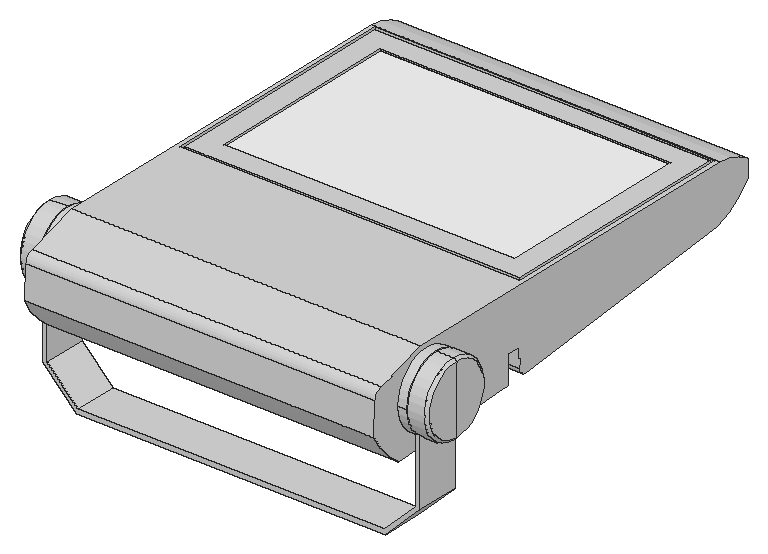
Revit family "0049108 Feilo Sylvania Lighting Fixture SYLVEO LED 8000LM RASYM 4K", category Lighting Fixtures, host Face, Revit 2017
Family settings
  Host = Face
  Round Connector Dimension = Use Diameter
  Part Type = Normal
  Cut with Voids When Loaded = No
  Light Source = No
  Shared = No
  Room Calculation Point = No
Parameters (values of type "0049108 SYLVEO LED 8000LM RASYM 4K")
  Weight = "9.2 kg"
  Wattage Comments = "n/a"
  WarrantyStartDate [instance] = "n/a"
  WarrantyGuarantorParts = "n/a"
  WarrantyDurationUnit = "n/a"
  WarrantyDurationParts = "n/a"
  WarrantyDescription = "n/a"
  Voltage = 230 V
  URL = "http://www.sylvania-lighting.com"
  TypeName = "SYLVEO LED 8000LM RASYM 4K"
  TypeBody_FEILO = Sylveo Medium Body : 0049108 SYLVEO LED 8000LM RASYM 4K
  Type Image = <None>
  Type Comments = "n/a"
  TotalWidth = 290 mm
  TiltAngle [instance] = 0.00°
  StartAngle [instance] = -TiltAngle  # 0.00°
  SerialNumber [instance] = "n/a"
  PowerFactor = 0
  PowerConsumption = "82.2 W"
  NominalWidth = 0 mm
  NominalLength = 290 mm
  NominalHeight = 333 mm
  Name = "SYLVEO LED 8000LM RASYM 4K"
  ModelReference = "SYLVEO LED 8000LM RASYM 4K"
  ModelNumber = "0049108"
  Model = "SYLVEO LED 8000LM RASYM 4K"
  Material_4_FEILO = none
  Material_3_FEILO = none
  Material_2_FEILO = Diffuser-Sylvania-Sylveo-Glow
  Material_1_FEILO = Body-Sylvania-Sylveo-Aluminium
  Material = "aluminium housing, glass diffuser"
  ManufacturerName = "Feilo Sylvania"
  Manufacturer = "Feilo Sylvania"
  LuminousEfficacy = "106.9 lm/W"
  LuminaireType = ""
  LightOutputRatio = "100"
  LampsType = Lamp  # "LED"
  LampNominalLuminous = "8787 lm"
  LampMacAdamStep = "6"
  LampColourTemperature = "4000 K"
  LampColourRenderingIndex = "70"
  Lamp = "LED"
  Keynote = "16500"
  InstallationDate [instance] = "n/a"
  InputVoltage = "100-240V~"
  InputNominalFrequency = "50 Hz"
  IngressProtection = "IP66"
  ImpactProtectionIndex = "IK08"
  IfcExportType = "IfcLightFixtureType"
  IfcExportAs = "IfcLightFixtureType"
  HingeHeight = 90 mm
  HingeDia = 52 mm
  ExpectedLife = 50000
  EndAngle [instance] = StartAngle + 180.00°  # 180.00°
  ElectricShockClassification = "Class I"
  DurationUnit = "hours"
  DocumentationLiterature = "http://www.sylvania-lighting.com/product/en-int/products/0049108"
  DimmingControlOptions = "Non dimmable"
  Description = "Exterior LED Floodlight, comes complete with a 1000mm cable and adjustable bracket, aluminium housing, clear glass diffuser, IP66, IK08, Class I, 4000K, Non-dimming, 8787lm, 82W, 107lm/W, 2400mA, CRI70, 52°x117° beam angle, 50000hrs, (LxWxD) 66x290x333mm"
  Default Elevation = 1219.2 mm
  CreatedOn = "12/18/2017"
  CreatedBy = ""
  Cost = 0
  built-in parameter 1114216 [instance] = (empty or 0)
  ClassificationValue = "EF_70_80"
  ClassificationName = "Uniclass2015"
  Calculate Coefficient of Utilization = no
  BracketWidth = 37 mm
  BracketThickness = 3 mm
  BracketInnerWidth = 261.3 mm
  BracketFold = 25 mm
  BracketExtrusionStart = -BracketWidth / 2  # -18.5 mm
  BracketExtrusionEnd = BracketWidth / 2  # 18.5 mm
  BarCode [instance] = "n/a"
  AssetType = "Fixed"
  AssetIdentifier [instance] = "n/a"
  Assembly Code = "D5020200"
  Apparent Load = 82.2 VA
Reference planes
  plane 1 "Center (Front/Back)": y = 0
  plane 2: z = 0
  plane 3 "Center (Left/Right)": x = 0
  plane 4: x = 130.65
  plane 5: x = -130.65
  plane 6: z = 90
  plane 7: x = 145
  plane 8: x = -145
  plane 9: z = 116
  plane 10: z = 64
  plane 11: x = 143
  plane 12: x = -143
  plane 13: x = 133.65
  plane 14: x = -133.65
  plane 15: z = 3
  plane 16: z = 25
  plane 17: x = 108.65
  plane 18: x = -108.65
  plane 19: z = 66
Forms (mm)
  Extrusion 1, solid, material "Body-Sylvania-Sylveo-Aluminium" <- "Material_1_FEILO"
    sketch origin (0, 0, 0) x (1, 0, 0) y (0, 0, 1)
      loop
        line (0, 3) -> (0, 0) -> (109.478, 0) -> (133.65, 24.172) -> (133.65, 90) -> (130.65, 90) -> (130.65, 25) -> (108.65, 3) -> (0, 3)
    from -12.5 to 18.5 <- "BracketExtrusionEnd"
  Extrusion 2, solid, material "Body-Sylvania-Sylveo-Aluminium" <- "Material_1_FEILO"
    sketch origin (0, 0, 0) x (-1, 0, 0) y (0, 0, -1)
      loop
        line (0, -3) -> (108.65, -3) -> (130.65, -25) -> (130.65, -90) -> (133.65, -90) -> (133.65, -24.172) -> (109.478, 0) -> (0, 0) -> (0, -3)
    from -12.5 to 18.5 <- "BracketExtrusionEnd"
  Revolve 3, solid, material "Body-Sylvania-Sylveo-Aluminium" <- "Material_1_FEILO"
    sketch origin (0, 0, 0) x (1, 0, 0) y (0, 0, 1)
      loop
        line (-130.65, 90) -> (-145, 90) -> (-145, 66) -> (-143, 64) -> (-130.65, 64) -> (-130.65, 90)
      axis (-130.65, 90) -> (-145, 90)
    angle from 0 to 360
  Revolve 4, solid, material "Body-Sylvania-Sylveo-Aluminium" <- "Material_1_FEILO"
    sketch origin (0, 0, 0) x (-1, 0, 0) y (0, 0, 1)
      loop
        line (-130.65, 90) -> (-145, 90) -> (-145, 66) -> (-143, 64) -> (-130.65, 64) -> (-130.65, 90)
      axis (-130.65, 90) -> (-145, 90)
    angle from 0 to 360
  Revolve 5, solid, not visible
    sketch origin (181.107, 0, 90) x (1, 0, 0) y (0, 1, 0)
      loop
        line (-191.101, 0) -> (-171.112, 0) -> (-171.112, 10) -> (-191.101, 10) -> (-191.101, 0)
      axis (-171.112, 0) -> (-191.101, 0)
    angle from 0 <- "StartAngle" to 180 <- "EndAngle"
Cuts and joins
  joined: Extrusion 1, Extrusion 2, Revolve 3, Revolve 4
Dimensions and locks
  equal spacing: plane 5, plane 3 "Center (Left/Right)", plane 4
  "BracketInnerWidth": plane 5 to plane 4
  equal spacing: plane 7, plane 3 "Center (Left/Right)", plane 8
  "TotalWidth": plane 7 to plane 8
  "HingeHeight": plane 2 to plane 6
  equal spacing: plane 10, plane 6, plane 9
  "HingeDia": plane 10 to plane 9
  equal spacing: plane 11, plane 3 "Center (Left/Right)", plane 12
  equal spacing: plane 13, plane 3 "Center (Left/Right)", plane 14
  "BracketFold": plane 2 to plane 16
  "BracketThickness": plane 2 to plane 15
  equal spacing: plane 17, plane 3 "Center (Left/Right)", plane 18
  locked: plane 19 to plane 10 at 2
  locked: Revolve 5 sketch curve to Revolve 5 sketch curve at 10
  equal spacing: Revolve 5 sketch curve, plane 3 "Center (Left/Right)", Revolve 5 sketch curve
  locked: Revolve 5 sketch curve to Revolve 5 sketch curve at 19.988
  locked: plane 7 to plane 11 at 2
  "BracketFold": plane 13 to plane 17
  "BracketThickness": plane 4 to plane 13
  aligned and locked: plane 2 to host face
  aligned and locked: level to host face
  aligned and locked: Revolve 3 sketch curve to plane 10
  aligned and locked: Revolve 3 sketch curve to plane 8
  aligned and locked: plane 5 to Revolve 3 sketch curve
  aligned and locked: Revolve 3 sketch curve to plane 6  (x2)
  aligned and locked: Revolve 5 sketch curve to plane 1 "Center (Front/Back)"
  aligned and locked: plane 3 "Center (Left/Right)" to nested 1
Automatic sketch dimensions
  host sketch curve to host sketch curve = 2438.4 mm  (x2)
  Extrusion 1 sketch curve to plane 3 "Center (Left/Right)" = 0 mm  (x2)
  Extrusion 1 sketch curve to level = 0 mm  (x2)
  Extrusion 1 sketch curve to plane 15 = 0 mm
  Extrusion 1 sketch curve to plane 17 = 0 mm
  plane 4 to Extrusion 1 sketch curve = 0 mm
  Extrusion 1 sketch curve to plane 13 = 0 mm  (x2)
  Extrusion 1 sketch curve to plane 6 = 0 mm  (x2)
  Extrusion 1 sketch curve to plane 16 = 0 mm
  plane 17 to Extrusion 1 sketch curve = 0.828 mm
  Extrusion 1 sketch curve to plane 16 = 0.828 mm
  Extrusion 2 sketch curve to plane 3 "Center (Left/Right)" = 0 mm  (x2)
  Extrusion 2 sketch curve to level = 0 mm  (x2)
  Extrusion 2 sketch curve to plane 15 = 0 mm
  plane 18 to Extrusion 2 sketch curve = 0 mm
  plane 5 to Extrusion 2 sketch curve = 0 mm
  plane 14 to Extrusion 2 sketch curve = 0 mm  (x2)
  Extrusion 2 sketch curve to plane 6 = 0 mm  (x2)
  Extrusion 2 sketch curve to plane 16 = 0 mm
  Extrusion 2 sketch curve to plane 18 = 0.828 mm
  plane 16 to Extrusion 2 sketch curve = 0.828 mm
  plane 12 to Revolve 3 sketch curve = 0 mm
  Revolve 3 sketch curve to plane 19 = 0 mm
  plane 8 to Revolve 3 sketch curve = 77.715 mm
  plane 7 to Revolve 3 sketch curve = 78.607 mm
  Revolve 4 sketch curve to plane 6 = 0 mm  (x2)
  Revolve 4 sketch curve to plane 7 = 0 mm
  Revolve 4 sketch curve to plane 10 = 0 mm
  Revolve 4 sketch curve to plane 11 = 0 mm
  plane 4 to Revolve 4 sketch curve = 0 mm
  Revolve 4 sketch curve to plane 19 = 0 mm
  Revolve 4 sketch curve to Revolve 4 sketch curve = 77.715 mm
  Revolve 4 sketch curve to plane 8 = 78.607 mm
  plane 1 "Center (Front/Back)" to Revolve 5 sketch curve = 0 mm
  plane 8 to Revolve 5 sketch curve = 1421.5 mm
  plane 7 to Revolve 5 sketch curve = 1421.5 mm
Nested families
  nested 1: "Sylveo Medium Body" at (0, -47.297, 90), type <- "TypeBody_FEILO", type "0049108 SYLVEO LED 8000LM RASYM 4K"
Connectors
  electrical at (0, 0, 0), driven by "Apparent Load", driven by "Voltage", driven by "PowerFactor"
    settings: index 1, voltage 230 V, apparent load 82.2 VA, apparent load phase1 0 VA, apparent load phase2 0 VA, apparent load phase3 0 VA, power factor 0, load classification "Lighting", number of poles 1, system type 30, power factor state 1, is connector primary yes, connector utility no, sub classification motor no, connector description ""
Definition of nested family "Sylveo Medium Body"
  Parameters (values of type "0049141 SYLVEO LED 8000LM RASYM 4K DALI ")
    Wattage = 80 W
    built-in parameter 1150110 = 1 (stored number, unit not read)
    URL = "http://www.feilosylvania.com"
    Type Comments = "n/a"
    built-in parameter 1114217 = 1 (stored number, unit not read)
    Tilt Angle = -90.00°
    built-in parameter 1150109 = 1 (stored number, unit not read)
    built-in parameter 1150134 = 12
    built-in parameter 1150113 = 1 (stored number, unit not read)
    Photometric Web File = "0049141.ies"
    Model = "SYLVEO LED 8000LM RASYM 4K DALI"
    Material_4_FEILO = none
    Material_3_FEILO = none
    Material_2_FEILO = none
    Material_1_FEILO = none
    Manufacturer = "Feilo Sylvania"
    built-in parameter 1150105 = 4415 (stored number, unit not read)
    Lumens = 8544 lm
    built-in parameter 1150115 = 1 (stored number, unit not read)
    built-in parameter 1150137 = (empty or 0)
    built-in parameter 1150139 = (empty or 0)
    built-in parameter 1150112 = 1 (stored number, unit not read)
    built-in parameter 1150114 = 1 (stored number, unit not read)
    Lamp = "LED"
    Keynote = "16500"
    built-in parameter 1150132 = (empty or 0)
    built-in parameter 1150102 = (empty or 0)
    built-in parameter 1150107 = 4000 (stored number, unit not read)
    built-in parameter 1150138 = (empty or 0)
    built-in parameter 1150106 = 44.15 (stored number, unit not read)
    Emit from Rectangle Width = 138.8 mm
    Emit from Rectangle Length = 206.3 mm
    Emit Shape Visible in Rendering = no
    built-in parameter 1150104 = 9.922 (stored number, unit not read)
    Dimming Lamp Color Temperature Shift = (empty or 0)
    Description = "Exterior LED floodlight, comes complete with a 1000mm cable and adjustable bracket, aluminium housing, clear glass diffuser, 8542lm, 80W, 106lm/W, 4000K, 2280mA, CRI70, 52°x117° beam angle, DALI dimmable, IP66, IK08, Class I, 50000hrs, (LxWxD) 66x290x333mm"
    Default Elevation = 1219.2 mm
    Cost = 0
    Color Filter = 16777215
    built-in parameter 1114218 = 1 (stored number, unit not read)
    built-in parameter 1150133 = 10 (stored number, unit not read)
    Assembly Code = "D5020200"
    Apparent Load = 80 VA
  Types (9, lengths in mm): name | Wattage | built-in parameter 1150134 | Photometric Web File | Model | built-in parameter 1150105 | Lumens | built-in parameter 1150107 | built-in parameter 1150106 | built-in parameter 1150104 | Description | Apparent Load
    0049141 SYLVEO LED 8000LM RASYM 4K DALI | 80 W | 12 | "0049141.ies" | "SYLVEO LED 8000LM RASYM 4K DALI" | 4415 (stored number, unit not read) | 8544 lm | 4000 (stored number, unit not read) | 44.15 (stored number, unit not read) | 9.922 (stored number, unit not read) | "Exterior LED floodlight, comes complete with a 1000mm cable and adjustable bracket, aluminium housing, clear glass diffuser, 8542lm, 80W, 106lm/W, 4000K, 2280mA, CRI70, 52°x117° beam angle, DALI dimmable, IP66, IK08, Class I, 50000hrs, (LxWxD) 66x290x333mm" | 80 VA
    0049140 SYLVEO LED 8000LM WIDE 4K DALI | 81 W | 12 | "0049140.ies" | "SYLVEO LED 8000LM WIDE 4K DALI" | 10450.4 (stored number, unit not read) | 8537.4 lm | 4000 (stored number, unit not read) | 104.5 (stored number, unit not read) | 9.792 (stored number, unit not read) | "Exterior LED floodlight, comes complete with a 1000mm cable and adjustable bracket, aluminium housing, clear glass diffuser, 8541lm, 81W, 105lm/W, 4000K, 2280mA, CRI70, 52° beam angle, DALI dimmable, IP66, IK08, Class I, 50000hrs, (LxWxD) 66x290x333mm" | 81 VA
    0049139 SYLVEO LED 8000LM NAR 4K DALI | 81 W | 12 | "0049139.ies" | "SYLVEO LED 8000LM NAR 4K DALI" | 20285.7 (stored number, unit not read) | 8723.7 lm | 4000 (stored number, unit not read) | 202.86 (stored number, unit not read) | 10.006 (stored number, unit not read) | "Exterior LED floodlight, comes complete with a 1000mm cable and adjustable bracket, aluminium housing, clear glass diffuser, 8721lm, 81, 107lm/W, 4000K, 2280mA, CRI70, 30° beam angle, DALI dimmable, IP66, IK08, Class I, 50000hrs, (LxWxD) 66x290x333mm" | 81 VA
    0049111 SYLVEO LED 8000LM RASYM 3K | 81.5 W | (empty or 0) | "0049111.ies" | "SYLVEO LED 8000LM RASYM 3K" | 4290.9 (stored number, unit not read) | 8304.85 lm | 3000 (stored number, unit not read) | 42.909 (stored number, unit not read) | 9.4668 (stored number, unit not read) | "Exterior LED Floodlight, comes complete with a 1000mm cable and adjustable bracket, aluminium housing, clear glass diffuser, IP66, IK08, Class I, 3000K, Non-dimming, 8305lm, 82W, 102lm/W, 2400mA, CRI70, 52°x117° beam angle, 50000hrs, (LxWxD) 66x290x333mm" | 81.5 VA
    0049110 SYLVEO LED 8000LM WIDE 3K | 81.5 W | (empty or 0) | "0049110.ies" | "SYLVEO LED 8000LM WIDE 3K" | 9790.8 (stored number, unit not read) | 8353.75 lm | 3000 (stored number, unit not read) | 97.908 (stored number, unit not read) | 9.5226 (stored number, unit not read) | "Exterior LED Floodlight, comes complete with a 1000mm cable and adjustable bracket, aluminium housing, clear glass diffuser, IP66, IK08, Class I, 3000K, Non-dimming, 8354lm, 82W, 103lm/W, 2400mA, CRI70, 52° beam angle, 50000hrs, (LxWxD) 66x290x333mm" | 81.5 VA
    0049109 SYLVEO LED 8000LM NAR 3K | 80.7 W | (empty or 0) | "0049109.ies" | "SYLVEO LED 8000LM NAR 3K" | 19830.2 (stored number, unit not read) | 8336.31 lm | 3000 (stored number, unit not read) | 198.3 (stored number, unit not read) | 9.5969 (stored number, unit not read) | "Exterior LED Floodlight, comes complete with a 1000mm cable and adjustable bracket, aluminium housing, clear glass diffuser, IP66, IK08, Class I, 3000K, Non-dimming, 8336lm, 81W, 103lm/W, 2400mA, CRI70, 30° beam angle, 50000hrs, (LxWxD) 66x290x333mm" | 80.7 VA
    0049108 SYLVEO LED 8000LM RASYM 4K | 82.2 W | 12 | "0049108.ies" | "SYLVEO LED 8000LM RASYM 4K" | 4540.1 (stored number, unit not read) | 8787.18 lm | 4000 (stored number, unit not read) | 45.401 (stored number, unit not read) | 9.9313 (stored number, unit not read) | "Exterior LED Floodlight, comes complete with a 1000mm cable and adjustable bracket, aluminium housing, clear glass diffuser, IP66, IK08, Class I, 4000K, Non-dimming, 8787lm, 82W, 107lm/W, 2400mA, CRI70, 52°x117° beam angle, 50000hrs, (LxWxD) 66x290x333mm" | 82.2 VA
    0049107 SYLVEO LED 8000LM WIDE 4K | 82.2 W | 12 | "0049107.ies" | "SYLVEO LED 8000LM WIDE 4K" | 11015.4 (stored number, unit not read) | 8729.64 lm | 4000 (stored number, unit not read) | 110.15 (stored number, unit not read) | 9.8663 (stored number, unit not read) | "Exterior LED Floodlight, comes complete with a 1000mm cable and adjustable bracket, aluminium housing, clear glass diffuser, IP66, IK08, Class I, 4000K, Non-dimming, 8730lm, 82W, 106lm/W, 2400mA, CRI70, 52° beam angle, 50000hrs, (LxWxD) 66x290x333mm" | 82.2 VA
    0049106 SYLVEO LED 8000LM NAR 4K | 80.1 W | 12 | "0049106.ies" | "SYLVEO LED 8000LM NAR 4K" | 21168.1 (stored number, unit not read) | 8554.68 lm | 4000 (stored number, unit not read) | 211.68 (stored number, unit not read) | 9.922 (stored number, unit not read) | "Exterior LED Floodlight, comes complete with a 1000mm cable and adjustable bracket, aluminium housing, clear glass diffuser, IP66, IK08, Class I, 4000K, Non-dimming, 8555lm, 80W, 107lm/W, 2400mA, CRI70, 30° beam angle, 50000hrs, (LxWxD) 66x290x333mm" | 80.1 VA
  Reference planes
    plane 1 "Center (Front/Back)": y = 0
    plane 2: z = 0
    plane 3 "Center (Left/Right)": x = 0
    plane 4: y = 333
    plane 5: y = 47.297
    plane 6: y = 73.469
    plane 7: y = 21.125
    plane 8: x = -130.625
    plane 9: x = 130.625
    plane 10: y = 304.814
    plane 11: y = 135.969
    plane 12: y = 289.814
    plane 13: y = 150.969
    plane 14: x = 103.125
    plane 15: x = -103.125
    plane 16: x = -123.75
    plane 17: x = 123.75
    plane 18: x = -118.594
    plane 19: x = 118.594
    plane 20: y = 322.719
    plane 21: y = 119.719
    plane 22: z = 29.125
    plane 23: z = -36.875
    plane 24: x = -120.75
    plane 25: x = 120.75
    plane 26: y = 306.814
    plane 27: y = 133.969
    plane 28: y = 220.391
  Forms (mm)
    Extrusion 1, solid
      sketch origin (-0.8, 0, 0) x (1, 0, 0) y (0, 1, 0)
        loop
          line (-1219.2, 1219.2) -> (-1219.2, -1219.2) -> (1219.2, -1219.2) -> (1219.2, 1219.2) -> (-1219.2, 1219.2)
      from 0 to -304.8
    Extrusion 2, solid, material <- "Material_1_FEILO"
      sketch origin (0, 0, 0) x (0, 1, 0) y (0, 0, 1)
        loop
          circle (47.297, 0) r 26.026
      from 130.625 to -130.625
    Extrusion 3, solid, material <- "Material_1_FEILO"
      sketch origin (0, 0, 0) x (1, 0, 0) y (0, 1, 0)
        loop
          line (-123.75, 333) -> (-123.75, 0) -> (123.75, 0) -> (123.75, 333) -> (-123.75, 333)
      from 29.125 to -36.875
    Extrusion 4, void, detail levels medium+fine
      sketch origin (0, 0, 0) x (0, 1, 0) y (0, 0, 1)
        loop
          line (42.297, 29.125) -> (0, 29.125) -> (0, -36.875) -> (333, -36.875) -> (333, 29.125) -> (308.414, 29.125)
          arc (308.414, 29.125) -> (320.149, 26.569) -> (330.963, 21.346) r 51.141
          arc (330.963, 21.346) -> (332.019, 20.218) -> (332.403, 18.722) r 3.112
          line (332.403, 18.722) -> (332.403, 7.346)
          arc (332.403, 7.346) -> (319.575, -3.301) -> (304.814, -11.047) r 79.724
          line (304.814, -11.047) -> (135.202, -28.874)
          arc (135.202, -28.874) -> (131.465, -27.731) -> (129.692, -24.25) r 5
          line (129.692, -24.25) -> (128.705, -10.138) -> (119.719, -10.138) -> (119.719, -28.285)
          arc (119.719, -28.285) -> (119.184, -29.635) -> (117.869, -30.252) r 1.971
          line (117.869, -30.252) -> (22.334, -36.171)
          arc (22.334, -36.171) -> (9.868, -24.998) -> (0.544, -11.095) r 67.339
          line (0.544, -11.095) -> (1.881, 11.454)
          arc (1.881, 11.454) -> (3.538, 15.816) -> (7.388, 18.452) r 7.801
          line (7.388, 18.452) -> (42.297, 29.125)
      from 123.75 to -123.75
    Extrusion 5, void
      sketch origin (0, -66.866, 29.125) x (1, 0, 0) y (0, -1, 0)
        loop
          line (-120.75, -373.679) -> (120.75, -373.679) -> (120.75, -200.834) -> (-120.75, -200.834) -> (-120.75, -373.679)
      from 0 to 4
    Extrusion 6, solid, material <- "Material_1_FEILO"
      sketch origin (0, -66.866, 29.125) x (0, -1, 0) y (1, 0, 0)
        loop
          line (-371.679, -118.594) -> (-202.834, -118.594) -> (-202.834, 118.594) -> (-371.679, 118.594) -> (-371.679, -118.594)
        loop
          line (-356.679, -103.125) -> (-217.834, -103.125) -> (-217.834, 103.125) -> (-356.679, 103.125) -> (-356.679, -103.125)
      from 0 to -4
    Extrusion 7, solid, material <- "Material_1_FEILO"
      sketch origin (0, -66.866, 29.125) x (0, -1, 0) y (1, 0, 0)
        loop
          line (-356.679, -103.125) -> (-217.834, -103.125) -> (-217.834, 103.125) -> (-356.679, 103.125) -> (-356.679, -103.125)
      from -3 to -4
    Extrusion 8, solid, material <- "Material_2_FEILO"
      sketch origin (0, -66.866, 29.125) x (0, -1, 0) y (1, 0, 0)
        loop
          line (-217.834, -103.125) -> (-217.834, 103.125) -> (-356.679, 103.125) -> (-356.679, -103.125) -> (-217.834, -103.125)
      from -1 to -2
  Cuts and joins
    Extrusion 4, Extrusion 5 cuts Extrusion 2
    Extrusion 4, Extrusion 5 cuts Extrusion 3
    joined: Extrusion 2, Extrusion 3
    joined: Extrusion 6, Extrusion 7
  Dimensions and locks
    equal spacing: plane 6, plane 5, plane 7
    locked: plane 5 to plane 1 "Center (Front/Back)" at 47.297
    equal spacing: plane 8, plane 3 "Center (Left/Right)", plane 9
    locked: plane 8 to plane 9 at 261.25
    equal spacing: plane 16, plane 3 "Center (Left/Right)", plane 17
    equal spacing: plane 18, plane 3 "Center (Left/Right)", plane 19
    locked: plane 20 to plane 21 at 203
    locked: plane 16 to plane 17 at 247.5
    locked: plane 23 to plane 22 at 66
    locked: plane 22 to plane 2 at 29.125
    locked: plane 18 to plane 19 at 237.187
    locked: plane 15 to plane 14 at 206.25
    locked: plane 1 "Center (Front/Back)" to plane 4 at 333
    locked: plane 4 to plane 20 at 10.281
    locked: plane 10 to plane 11 at 168.845
    locked: plane 1 "Center (Front/Back)" to plane 11 at 135.969
    locked: plane 12 to plane 13 at 138.845
    locked: plane 1 "Center (Front/Back)" to plane 13 at 150.969
    locked: plane 16 to plane 24 at 3
    equal spacing: plane 24, plane 3 "Center (Left/Right)", plane 25
    locked: plane 26 to plane 10 at 2
    locked: plane 11 to plane 27 at 2
    equal spacing: plane 12, plane 28, plane 13, locked at 69.422 each
    aligned and locked: plane 2 to Extrusion 1
    aligned and locked: level to Extrusion 1
    aligned and locked: Extrusion 2 to plane 9
    aligned and locked: plane 8 to Extrusion 2
    aligned and locked: plane 4 to Extrusion 3 sketch curve
    aligned and locked: plane 16 to Extrusion 3 sketch curve
    aligned and locked: Extrusion 3 sketch curve to plane 1 "Center (Front/Back)"
    aligned and locked: plane 17 to Extrusion 3 sketch curve
    aligned and locked: plane 22 to Extrusion 3
    aligned and locked: plane 23 to Extrusion 3
    aligned and locked: Extrusion 4 to plane 16
    aligned and locked: Extrusion 4 to plane 17
    aligned and locked: Extrusion 5 sketch curve to plane 26
    aligned and locked: plane 24 to Extrusion 5 sketch curve
    aligned and locked: plane 27 to Extrusion 5 sketch curve
    aligned and locked: plane 25 to Extrusion 5 sketch curve
    aligned and locked: Extrusion 6 sketch curve to plane 10
    aligned and locked: plane 18 to Extrusion 6 sketch curve
    aligned and locked: plane 11 to Extrusion 6 sketch curve
    aligned and locked: plane 19 to Extrusion 6 sketch curve
    aligned and locked: Extrusion 6 sketch curve to plane 12
    aligned and locked: Extrusion 6 sketch curve to plane 15
    aligned and locked: plane 13 to Extrusion 6 sketch curve
    aligned and locked: Extrusion 6 sketch curve to plane 14
    aligned and locked: Extrusion 7 sketch curve to Extrusion 6  (x4)
    aligned and locked: cut or joined group of Extrusion 2, Extrusion 3, Extrusion 4, Extrusion 5 to Extrusion 7
    aligned and locked: Extrusion 8 sketch curve to Extrusion 6  (x4)
    aligned and locked: imposter light to plane 3 "Center (Left/Right)"
    aligned and locked: imposter light to plane 22
  Automatic sketch dimensions
    Extrusion 1 sketch curve to Extrusion 1 sketch curve = 2438.4 mm  (x2)
    Extrusion 2 sketch curve to level = 0 mm
    Extrusion 2 sketch curve to plane 5 = 0 mm
    Extrusion 4 sketch curve to plane 1 "Center (Front/Back)" = 0 mm
    Extrusion 4 sketch curve to plane 22 = 0 mm  (x2)
    Extrusion 4 sketch curve to plane 21 = 0 mm
    Extrusion 4 sketch curve to plane 10 = 0 mm
    Extrusion 4 sketch curve to plane 4 = 0 mm
    plane 23 to Extrusion 4 sketch curve = 0 mm
    Extrusion 4 sketch curve to plane 1 "Center (Front/Back)" = 0.544 mm
    Extrusion 4 sketch curve to plane 1 "Center (Front/Back)" = 1.881 mm
    Extrusion 4 sketch curve to plane 1 "Center (Front/Back)" = 7.388 mm
    Extrusion 4 sketch curve to Extrusion 4 sketch curve = 2.281 mm
    plane 7 to Extrusion 4 sketch curve = 1.209 mm
    Extrusion 4 sketch curve to plane 5 = 5 mm
    Extrusion 4 sketch curve to plane 6 = 12.772 mm
    Extrusion 4 sketch curve to plane 21 = 1.971 mm
    Extrusion 4 sketch curve to plane 21 = 1.849 mm
    Extrusion 4 sketch curve to plane 11 = 7.264 mm
    Extrusion 4 sketch curve to plane 11 = 6.277 mm
    Extrusion 4 sketch curve to plane 11 = 1.289 mm
    Extrusion 4 sketch curve to plane 11 = 0.767 mm
    Extrusion 4 sketch curve to plane 12 = 14.463 mm
    Extrusion 4 sketch curve to plane 10 = 1.343 mm
    plane 4 to Extrusion 4 sketch curve = 3.71 mm
    plane 4 to Extrusion 4 sketch curve = 0.597 mm
    Extrusion 4 sketch curve to plane 23 = 0.704 mm
    Extrusion 4 sketch curve to plane 23 = 6.623 mm
    Extrusion 4 sketch curve to plane 23 = 8.001 mm
    Extrusion 4 sketch curve to Extrusion 4 sketch curve = 4.624 mm
    Extrusion 4 sketch curve to plane 23 = 15.098 mm
    Extrusion 4 sketch curve to level = 11.095 mm
    Extrusion 4 sketch curve to Extrusion 4 sketch curve = 10.73 mm
    Extrusion 4 sketch curve to level = 10.138 mm
    level to Extrusion 4 sketch curve = 7.346 mm
    level to Extrusion 4 sketch curve = 10.992 mm
    Extrusion 4 sketch curve to Extrusion 4 sketch curve = 0.462 mm
    Extrusion 4 sketch curve to plane 22 = 10.403 mm
    plane 10 to Extrusion 4 sketch curve = 3.6 mm
    radius of Extrusion 2 sketch curve = 26.026 mm
